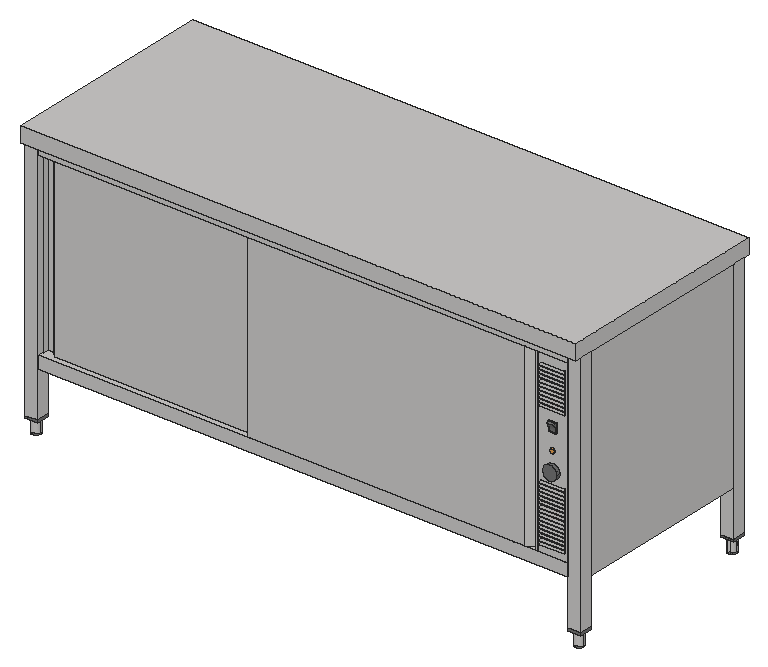
Revit family "QF_ELECTROLUXPROFESSIONAL_134057_GTCD1800E", category Attrezzature speciali, Revit 2020
Family settings
  Quota connettore circolare = Usa diametro
  Tipo di parte = Normale
  Basato su piano di lavoro = No
  Sempre verticale = Sì
  Taglio con vuoti quando caricato = No
  Condiviso = No
  Punto di calcolo locali = No
Parameters (values of type "Standard")
  Weight = 106.00 kg
  Watts = 2530 W
  Volts = 220 V
  URL Manufacturer = "https://www.electroluxprofessional.com/"
  URL = "https://www.electroluxprofessional.com/"
  Steam Supply Size = 0 mm
  Steam Supply Minimum Pressure = 0.0 Pa
  Steam Supply Maximum Pressure = 0.0 Pa
  Steam Consumption per Hour = 0
  Refrigeration Suction Line Size = 0.0 mm
  Refrigeration Liquid Line Size = 0.0 mm
  Refrigerant Compressor Remote = yes
  Prospetto di default = 0.0 mm
  Produttore = "Electrolux Professional"
  Phase = 1
  Modello = "GTCD1800E"
  Length Actual = 1800.0 mm  # constant formula
  Item Number = "134057"
  Hot Water Size = 0 mm
  Height Actual = 900.0 mm  # constant formula
  HP = "3.4 HP"
  Gas Size = 0 mm
  Gas KW = 0
  Gas Input Pressure = 0 W
  Direct Waste Size = 0 mm
  Descrizione = "HOT PASSTHRU CUPBOARD 1800 MM"
  Depth Actual = 700.0 mm  # constant formula
  Cycle = 50 Hz
  Condensate Return Size = 0 mm
  Compressed Air Volume = 0.0 L/s
  Compressed Air Size = 0 mm
  Compressed Air Pressure = 0.0 Pa
  Cold Water Size = 0 mm
  Accessory = yes
Reference planes
  plane 1 "Center (Front/Back)": y = 0
  plane 2: z = 0
  plane 3 "Center (Left/Right)": x = -400
  plane 4 "LEFT": x = -1300
  plane 5 "RIGHT": x = 500
  plane 6 "BACK": y = 350
  plane 7 "FRONT": y = -350
  plane 8 "Base": z = 850
  plane 9 "TOP": z = 900
  plane 10: x = -1280
  plane 11: x = 480
  plane 12: y = 310
  plane 13: y = -310
  plane 14 "BodyLeft": x = -1300
  plane 15 "BodyFront": y = -330
  plane 16 "BodyRight": x = 500
  plane 17 "BodyBack": y = 330
  plane 18 "FEET": z = 200
  plane 19: x = -320
  plane 20: x = -580
  plane 21 "AxeSlideDoor": x = -450
  plane 22: x = 360
  plane 23: x = 410
  plane 24: y = -160
Forms (mm)
  Extrusion 1, solid, material "QF_Finishes_Stainless Steel"
    sketch origin (-400, 0, 0) x (0, 1, 0) y (0, 0, 1)
      loop
        line (-350, 850) -> (350, 850) -> (350, 900) -> (-350, 900) -> (-350, 850)
    from 900 to -900
  Extrusion 2, solid, material "QF_Finishes_Stainless Steel"
    sketch origin (0, 0, 200) x (-1, 0, 0) y (0, -1, 0)
      loop
        line (1300, -290) -> (1300, 290) -> (1260, 290) -> (1260, -290) -> (1300, -290)
      loop
        line (-460, -290) -> (-460, 290) -> (-500, 290) -> (-500, -290) -> (-460, -290)
    from 0 to 650
  Extrusion 3, solid, material "QF_Finishes_Stainless Steel"
    sketch origin (0, 0, 200) x (-1, 0, 0) y (0, -1, 0)
      loop
        line (1260, -330) -> (1260, 330) -> (-460, 330) -> (-460, -330) -> (1260, -330)
    from 0 to 40
  Extrusion 4, solid, material "QF_Finishes_Stainless Steel"
    sketch origin (0, 0, 200) x (-1, 0, 0) y (0, -1, 0)
      loop
        line (-360, -290) -> (-460, -290) -> (-460, -330) -> (-360, -330) -> (-360, -290)
    from 40 to 620
  Extrusion 5, solid, material "QF_Finishes_Stainless Steel"
    sketch origin (0, 0, 200) x (-1, 0, 0) y (0, -1, 0)
      loop
        line (-360, 330) -> (-360, 310) -> (580, 310) -> (580, 330) -> (-320, 330) -> (-340, 315) -> (-355, 315) -> (-355, 330) -> (-360, 330)
    from 40 to 620
  Extrusion 6, solid, material "QF_Finishes_Stainless Steel"
    sketch origin (0, 20, 200) x (1, 0, 0) y (0, 1, 0)
      loop
        line (-1260, -330) -> (-1255, -330) -> (-1255, -315) -> (-1240, -315) -> (-1220, -330) -> (-320, -330) -> (-320, -310) -> (-1260, -310) -> (-1260, -330)
    from 40 to 620
  Extrusion 7, solid, material "QF_Finishes_Stainless Steel"
    sketch origin (0, 0, 200) x (-1, 0, 0) y (0, -1, 0)
      loop
        line (1260, 290) -> (-460, 290) -> (-460, -290) -> (1260, -290) -> (1260, 290)
    from 350 to 390
  Extrusion 8, solid, material "QF_Finishes_Stainless Steel"
    sketch origin (0, 0, 200) x (-1, 0, 0) y (0, -1, 0)
      loop
        line (1260, 330) -> (-460, 330) -> (-460, -330) -> (1260, -330) -> (1260, 330)
    from 620 to 650
  Extrusion 9, solid, material "QF_Finishes_Stainless Steel"
    sketch origin (0, 0, 200) x (-1, 0, 0) y (0, -1, 0)
      loop
        circle (-410, 160) r 10
    from 0 to -5
  Extrusion 10, solid, material "QF_Finishes_Stainless Steel"
    sketch origin (0, 0, 200) x (-1, 0, 0) y (0, -1, 0)
      loop
        line (-360, -330) -> (-355, -330) -> (-355, -315) -> (-340, -315) -> (-320, -330) -> (580, -330) -> (580, -310) -> (-360, -310) -> (-360, -330)
    from 40 to 620
  Extrusion 11, solid, material "QF_Finishes_Stainless Steel"
    sketch origin (0, -20, 200) x (1, 0, 0) y (0, 1, 0)
      loop
        line (-1260, 330) -> (-1260, 310) -> (-320, 310) -> (-320, 330) -> (-1220, 330) -> (-1240, 315) -> (-1255, 315) -> (-1255, 330) -> (-1260, 330)
    from 40 to 620
Cuts and joins
  joined: Extrusion 4, Extrusion 8
Lines and regions (mm)
  symbolic lines
    curve 1: line (500, 350, 900) -> (-1300, 350, 900)
    curve 2: line (-1300, 350, 900) -> (-1300, -350, 900)
    curve 3: line (-1300, -350, 900) -> (500, -350, 900)
    curve 4: line (500, -350, 900) -> (500, 350, 900)
  symbolic lines, style "SpecialityEquipmentHiddenLines"
    curve 5: line (-1300, 330, 200) -> (500, 330, 200)
    curve 6: line (-1300, -330, 200) -> (-1300, 330, 200)
    curve 7: line (500, -330, 200) -> (-1300, -330, 200)
    curve 8: line (500, 330, 200) -> (500, -330, 200)
    curve 9: line (-1260, -290, 200) -> (-320, -290, 200)
    curve 10: line (-320, -290, 200) -> (-320, -310, 200)
    curve 11: line (-1260, -310, 200) -> (360, -310, 200)
    curve 12: line (360, -310, 200) -> (360, -330, 200)
    curve 13: line (-580, -310, 200) -> (-580, -330, 200)
    curve 14: line (-1260, -290, 200) -> (-1260, -310, 200)
    curve 15: line (-1260, 290, 200) -> (-320, 290, 200)
    curve 16: line (-320, 290, 200) -> (-320, 310, 200)
    curve 17: line (-1260, 310, 200) -> (360, 310, 200)
    curve 18: line (360, 310, 200) -> (360, 330, 200)
    curve 19: line (-580, 310, 200) -> (-580, 330, 200)
    curve 20: line (-1260, 290, 200) -> (-1260, 310, 200)
Dimensions and locks
  plane 4 "LEFT" to plane 5 "RIGHT" = 1800.0 mm
  equal spacing: plane 4 "LEFT", plane 3 "Center (Left/Right)", plane 5 "RIGHT"
  locked: plane 8 "Base" to level at 850
  plane 9 "TOP" to level = 900.0 mm
  plane 6 "BACK" to plane 7 "FRONT" = 700.0 mm
  equal spacing: plane 6 "BACK", plane 1 "Center (Front/Back)", plane 7 "FRONT"
  locked: plane 4 "LEFT" to plane 14 "BodyLeft"
  locked: plane 16 "BodyRight" to plane 5 "RIGHT"
  locked: plane 15 "BodyFront" to plane 7 "FRONT" at 20
  locked: plane 6 "BACK" to plane 17 "BodyBack" at 20
  locked: plane 14 "BodyLeft" to plane 10 at 20
  locked: plane 11 to plane 16 "BodyRight" at 20
  locked: plane 13 to plane 15 "BodyFront" at 20
  locked: plane 17 "BodyBack" to plane 12 at 20
  plane 10 to plane 11 = 1760.0 mm
  plane 12 to plane 13 = 620.0 mm
  locked: plane 14 "BodyLeft" to Extrusion 2 sketch curve at 40
  Extrusion 2 sketch curve to Extrusion 2 sketch curve = 40.0 mm
  locked: plane 18 "FEET" to plane 2 at 200
  plane 22 to plane 5 "RIGHT" = 140.0 mm
  equal spacing: Extrusion 2, plane 21 "AxeSlideDoor", plane 22
  locked: plane 20 to plane 21 "AxeSlideDoor" at 130
  locked: plane 21 "AxeSlideDoor" to plane 19 at 130
  plane 24 to plane 7 "FRONT" = 190.0 mm
  plane 23 to plane 16 "BodyRight" = 90.0 mm
  aligned and locked: level to plane 2
  aligned and locked: plane 10 to nested 1
  aligned and locked: nested 1 to plane 13
  aligned and locked: plane 11 to nested 2
  aligned and locked: nested 2 to plane 13
  aligned and locked: plane 11 to nested 4
  aligned and locked: nested 4 to plane 12
  aligned and locked: plane 10 to nested 3
  aligned and locked: nested 3 to plane 12
  aligned and locked: Extrusion 1 to plane 4 "LEFT"
  aligned and locked: plane 5 "RIGHT" to Extrusion 1
  aligned and locked: curve 2 to plane 4 "LEFT"
  aligned and locked: Extrusion 2 sketch curve to plane 14 "BodyLeft"
  aligned and locked: plane 16 "BodyRight" to Extrusion 2 sketch curve
  aligned and locked: plane 8 "Base" to Extrusion 2
  aligned and locked: Extrusion 5 to Extrusion 3
  aligned and locked: Extrusion 6 sketch curve to plane 19
  aligned and locked: Extrusion 5 sketch curve to plane 20
  aligned and locked: Extrusion 1 to plane 8 "Base"
  aligned and locked: plane 9 "TOP" to Extrusion 1
  aligned and locked: curve 5 to plane 17 "BodyBack"
  aligned and locked: plane 14 "BodyLeft" to curve 6
  aligned and locked: plane 15 "BodyFront" to curve 7
  aligned and locked: plane 16 "BodyRight" to curve 8
  aligned and locked: Extrusion 3 sketch curve to Extrusion 2  (x2)
  aligned and locked: Extrusion 2 to Extrusion 4 sketch curve
  aligned and locked: curve 7 to Extrusion 3 sketch curve
  aligned and locked: plane 22 to Extrusion 5 sketch curve
  aligned and locked: nested 5 to Extrusion 2
  aligned and locked: nested 5 to Extrusion 3
  aligned and locked: Extrusion 8 sketch curve to plane 15 "BodyFront"
  aligned and locked: Extrusion 4 sketch curve to plane 22
  aligned and locked: Extrusion 3 sketch curve to plane 17 "BodyBack"
  aligned and locked: plane 17 "BodyBack" to Extrusion 8 sketch curve
  aligned and locked: curve 12 to plane 22
  aligned and locked: plane 22 to curve 18
Automatic sketch dimensions
  curve 3 to plane 5 "RIGHT" = 0.0 mm
  curve 3 to plane 7 "FRONT" = 0.0 mm
  curve 2 to plane 6 "BACK" = 0.0 mm
  Extrusion 1 sketch curve to plane 7 "FRONT" = 0.0 mm
  Extrusion 1 sketch curve to plane 6 "BACK" = 0.0 mm
  Extrusion 1 sketch curve to plane 8 "Base" = 0.0 mm
  Extrusion 1 sketch curve to plane 9 "TOP" = 0.0 mm
  Extrusion 2 sketch curve to plane 12 = 20.0 mm  (x2)
  plane 13 to Extrusion 2 sketch curve = 20.0 mm  (x2)
  Extrusion 4 sketch curve to plane 17 "BodyBack" = 0.0 mm
  Extrusion 4 sketch curve to plane 12 = 20.0 mm
  Extrusion 5 sketch curve to plane 15 "BodyFront" = 0.0 mm  (x2)
  Extrusion 5 sketch curve to plane 13 = 0.0 mm
  Extrusion 5 sketch curve to plane 22 = 5.0 mm
  Extrusion 5 sketch curve to plane 13 = 5.0 mm
  Extrusion 5 sketch curve to Extrusion 5 sketch curve = 15.0 mm
  Extrusion 5 sketch curve to Extrusion 5 sketch curve = 20.0 mm
  Extrusion 6 sketch curve to plane 13 = 0.0 mm  (x2)
  Extrusion 6 sketch curve to plane 10 = 60.0 mm
  Extrusion 6 sketch curve to plane 13 = 15.0 mm
  Extrusion 6 sketch curve to Extrusion 6 sketch curve = 20.0 mm  (x2)
  Extrusion 6 sketch curve to Extrusion 6 sketch curve = 15.0 mm
  Extrusion 6 sketch curve to Extrusion 6 sketch curve = 5.0 mm
  curve 17 to plane 12 = 0.0 mm
  curve 12 to plane 13 = 0.0 mm
  curve 16 to plane 19 = 0.0 mm
  curve 10 to plane 19 = 0.0 mm
  curve 13 to plane 20 = 0.0 mm
  curve 19 to plane 20 = 0.0 mm
  plane 10 to curve 14 = 20.0 mm
  plane 10 to curve 15 = 20.0 mm
  curve 17 to curve 20 = 20.0 mm
  plane 13 to curve 14 = 20.0 mm
  Extrusion 7 sketch curve to plane 11 = 20.0 mm
  plane 10 to Extrusion 7 sketch curve = 20.0 mm
  Extrusion 7 sketch curve to plane 12 = 20.0 mm
  plane 13 to Extrusion 7 sketch curve = 20.0 mm
  Extrusion 8 sketch curve to plane 11 = 20.0 mm
  plane 10 to Extrusion 8 sketch curve = 20.0 mm
  Extrusion 9 sketch curve to plane 23 = 0.0 mm
  Extrusion 9 sketch curve to plane 24 = 0.0 mm
  Extrusion 10 sketch curve to plane 17 "BodyBack" = 0.0 mm  (x2)
  Extrusion 10 sketch curve to plane 22 = 0.0 mm
  Extrusion 10 sketch curve to plane 20 = 0.0 mm
  Extrusion 10 sketch curve to plane 12 = 0.0 mm
  plane 22 to Extrusion 10 sketch curve = 5.0 mm
  Extrusion 10 sketch curve to plane 12 = 5.0 mm
  Extrusion 10 sketch curve to Extrusion 10 sketch curve = 15.0 mm
  Extrusion 10 sketch curve to Extrusion 10 sketch curve = 20.0 mm
  Extrusion 11 sketch curve to plane 12 = 0.0 mm  (x2)
  Extrusion 11 sketch curve to plane 19 = 0.0 mm
  plane 10 to Extrusion 11 sketch curve = 60.0 mm
  Extrusion 11 sketch curve to plane 12 = 15.0 mm
  Extrusion 11 sketch curve to Extrusion 11 sketch curve = 20.0 mm  (x2)
  Extrusion 11 sketch curve to Extrusion 11 sketch curve = 15.0 mm
  Extrusion 11 sketch curve to Extrusion 11 sketch curve = 5.0 mm
  radius of Extrusion 9 sketch curve = 10.0 mm
Nested families
  nested 1: "FEET_40x40_APP50" at (-1280, -310, 0), type "FEET_40x40_APP50"
  nested 2: "FEET_40x40_APP50" at (480, -310, 0), type "FEET_40x40_APP50"
  nested 3: "FEET_40x40_APP50" at (-1280, 310, 0), type "FEET_40x40_APP50"
  nested 4: "FEET_40x40_APP50" at (480, 310, 0), type "FEET_40x40_APP50"
  nested 5: "WT_PNL100x580" at (546.92, -290, 605) x (1, 0, 0) z (0, -1, 0), type "WT_PNL100x580"
    with Show Logo yes
  nested 6: "FEET_40x40_APP50" at (-680, 310, 0), type "FEET_40x40_APP50"
  nested 7: "FEET_40x40_APP50" at (480, 310, 0), type "FEET_40x40_APP50"
Connectors
  electrical at (410, -160, 195)
    settings: on Extrusion 9, index 1, voltage 0 V, apparent load 0 VA, apparent load phase1 0 VA, apparent load phase2 0 VA, apparent load phase3 0 VA, power factor 1, load classification "Other", number of poles 1, system type 30, power factor state 1, is connector primary yes, connector utility no, sub classification motor no, connector description "Electrical connection"
Definition of nested family "FEET_40x40_APP50"
  Parameters
    Default Elevation = 0.0 mm
    FEET = 850.0 mm
  Reference planes
    plane 1 "Center (Front/Back)": y = 0
    plane 2: z = 0
    plane 3 "Center (Left/Right)": x = 0
    plane 4: z = 850
  Forms (mm)
    Extrusion 1, solid
      sketch origin (0, 0, 0) x (1, 0, 0) y (0, 1, 0)
        loop
          line (-20, -20) -> (20, -20) -> (20, 20) -> (-20, 20) -> (-20, -20)
      from 50 to 850
    Extrusion 2, solid
      sketch origin (0, 0, 0) x (1, 0, 0) y (0, 1, 0)
        loop
          circle (0, 0) r 15
      from 0 to 5
    Extrusion 3, solid
      sketch origin (0, 0, 0) x (1, 0, 0) y (0, 1, 0)
        loop
          line (-20, -20) -> (20, -20) -> (20, 20) -> (-20, 20) -> (-20, -20)
      from 50 to 42
    Extrusion 4, solid
      sketch origin (0, 0, 0) x (1, 0, 0) y (0, 1, 0)
        loop
          circle (0, 0) r 15
      from 5 to 42
  Lines and regions (mm)
    symbolic lines
      curve 1: line (0, -1.503, 0) -> (0, 1.508, 0)
      curve 2: line (1.561, 0, 0) -> (-1.439, 0, 0)
  Dimensions and locks
    "FEET": plane 4 to plane 2
    aligned and locked: level to plane 2
  Automatic sketch dimensions
    plane 1 "Center (Front/Back)" to curve 2 = 0.0 mm
    curve 1 to plane 3 "Center (Left/Right)" = 0.0 mm
    curve 2 to plane 3 "Center (Left/Right)" = 1.439 mm
    plane 3 "Center (Left/Right)" to curve 2 = 1.561 mm
    plane 1 "Center (Front/Back)" to curve 1 = 1.503 mm
    curve 1 to plane 1 "Center (Front/Back)" = 1.508 mm
    Extrusion 1 sketch curve to plane 3 "Center (Left/Right)" = 20.0 mm
    plane 3 "Center (Left/Right)" to Extrusion 1 sketch curve = 20.0 mm
    plane 1 "Center (Front/Back)" to Extrusion 1 sketch curve = 20.0 mm
    Extrusion 1 sketch curve to plane 1 "Center (Front/Back)" = 20.0 mm
    plane 1 "Center (Front/Back)" to Extrusion 2 sketch curve = 0.0 mm
    Extrusion 2 sketch curve to plane 3 "Center (Left/Right)" = 0.0 mm
    Extrusion 3 sketch curve to plane 3 "Center (Left/Right)" = 20.0 mm
    plane 3 "Center (Left/Right)" to Extrusion 3 sketch curve = 20.0 mm
    plane 1 "Center (Front/Back)" to Extrusion 3 sketch curve = 20.0 mm
    Extrusion 3 sketch curve to plane 1 "Center (Front/Back)" = 20.0 mm
    plane 1 "Center (Front/Back)" to Extrusion 4 sketch curve = 0.0 mm
    Extrusion 4 sketch curve to plane 3 "Center (Left/Right)" = 0.0 mm
    radius of Extrusion 2 sketch curve = 15.0 mm
    radius of Extrusion 4 sketch curve = 15.0 mm
Definition of nested family "WT_PNL100x580"
  Parameters
    Show Logo [instance] = yes
    Default Elevation = 1219.2 mm
  Reference planes
    plane 1 "Center (Front/Back)": y = -75
    plane 2: z = 0
    plane 3 "Center (Left/Right)": x = -136.92
    plane 4: x = -186.92
    plane 5: x = -86.92
    plane 6 "TOP": z = 40
  Forms (mm)
    Extrusion 1, solid
      sketch origin (0, 0, 0) x (1, 0, 0) y (0, 1, 0)
        loop
          line (-1219.2, 1219.2) -> (-1219.2, -1219.2) -> (1219.2, -1219.2) -> (1219.2, 1219.2) -> (-1219.2, 1219.2)
      from 0 to -304.8
    Extrusion 2, solid
      sketch origin (0, 35, 0) x (1, 0, 0) y (0, 1, 0)
        loop
          line (-186.92, 180) -> (-186.92, -400) -> (-86.92, -400) -> (-86.92, 180) -> (-186.92, 180)
      from 0 to 40
    Extrusion 3, solid
      sketch origin (0, 35, 40) x (-1, 0, 0) y (0, -1, 0)
        loop
          circle (136.92, 151.711) r 22.964
      from 0 to 11.071
    Extrusion 4, solid
      sketch origin (-136.92, 35, 0) x (0, 1, 0) y (0, 0, 1)
        loop
          line (95.896, 40) -> (104.899, 40) -> (95.896, 41.206) -> (95.896, 40)
        loop
          line (107.896, 40) -> (116.899, 40) -> (107.896, 41.206) -> (107.896, 40)
        loop
          line (119.896, 40) -> (128.899, 40) -> (119.896, 41.206) -> (119.896, 40)
        loop
          line (131.896, 40) -> (140.899, 40) -> (131.896, 41.206) -> (131.896, 40)
        loop
          line (143.896, 40) -> (152.899, 40) -> (143.896, 41.206) -> (143.896, 40)
        loop
          line (-246.104, 40) -> (-237.101, 40) -> (-246.104, 41.206) -> (-246.104, 40)
        loop
          line (-234.104, 40) -> (-225.101, 40) -> (-234.104, 41.206) -> (-234.104, 40)
        loop
          line (-222.104, 40) -> (-213.101, 40) -> (-222.104, 41.206) -> (-222.104, 40)
        loop
          line (-210.104, 40) -> (-201.101, 40) -> (-210.104, 41.206) -> (-210.104, 40)
        loop
          line (-198.104, 40) -> (-189.101, 40) -> (-198.104, 41.206) -> (-198.104, 40)
        loop
          line (-318.104, 40) -> (-309.101, 40) -> (-318.104, 41.206) -> (-318.104, 40)
        loop
          line (-306.104, 40) -> (-297.101, 40) -> (-306.104, 41.206) -> (-306.104, 40)
        loop
          line (-294.104, 40) -> (-285.101, 40) -> (-294.104, 41.206) -> (-294.104, 40)
        loop
          line (-282.104, 40) -> (-273.101, 40) -> (-282.104, 41.206) -> (-282.104, 40)
        loop
          line (-270.104, 40) -> (-261.101, 40) -> (-270.104, 41.206) -> (-270.104, 40)
        loop
          line (-258.104, 40) -> (-249.101, 40) -> (-258.104, 41.206) -> (-258.104, 40)
        loop
          line (-366.104, 40) -> (-357.101, 40) -> (-366.104, 41.206) -> (-366.104, 40)
        loop
          line (-354.104, 40) -> (-345.101, 40) -> (-354.104, 41.206) -> (-354.104, 40)
        loop
          line (-342.104, 40) -> (-333.101, 40) -> (-342.104, 41.206) -> (-342.104, 40)
        loop
          line (-330.104, 40) -> (-321.101, 40) -> (-330.104, 41.206) -> (-330.104, 40)
        loop
          line (-378.104, 40) -> (-369.101, 40) -> (-378.104, 41.206) -> (-378.104, 40)
        loop
          line (23.896, 40) -> (32.899, 40) -> (23.896, 41.206) -> (23.896, 40)
        loop
          line (35.896, 40) -> (44.899, 40) -> (35.896, 41.206) -> (35.896, 40)
        loop
          line (47.896, 40) -> (56.899, 40) -> (47.896, 41.206) -> (47.896, 40)
        loop
          line (59.896, 40) -> (68.899, 40) -> (59.896, 41.206) -> (59.896, 40)
        loop
          line (71.896, 40) -> (80.899, 40) -> (71.896, 41.206) -> (71.896, 40)
        loop
          line (83.896, 40) -> (92.899, 40) -> (83.896, 41.206) -> (83.896, 40)
      from -40 to 40
    Extrusion 5, solid
      sketch origin (0, -5, 40) x (-1, 0, 0) y (0, -1, 0)
        loop
          line (123.92, -32.89) -> (149.92, -32.89) -> (149.92, -1.89) -> (123.92, -1.89) -> (123.92, -32.89)
        loop
          line (148.92, -31.89) -> (148.92, -2.89) -> (124.92, -2.89) -> (124.92, -31.89) -> (148.92, -31.89)
      from 0 to 1.6
    Extrusion 6, solid
      sketch origin (0, 95, 40) x (-1, 0, 0) y (0, -1, 0)
        loop
          circle (136.92, 151.711) r 7
      from 0 to 1.6
    Extrusion 7, solid
      sketch origin (-136.92, 35, 0) x (0, 1, 0) y (0, 0, 1)
        loop
          line (-37.11, 38) -> (-8.11, 38) -> (-8.11, 41.206)
          arc (-8.11, 41.206) -> (-8.756, 45.488) -> (-10.639, 49.389) r 14.5
          arc (-10.639, 49.389) -> (-23.172, 43.026) -> (-37.11, 41.206) r 41.552
          line (-37.11, 41.206) -> (-37.11, 38)
      from -12 to 12
  Dimensions and locks
    equal spacing: plane 4, plane 3 "Center (Left/Right)", plane 5
    plane 6 "TOP" to level = 40.0 mm
    Extrusion 2 to Extrusion 2 = 580.0 mm
    plane 4 to plane 5 = 100.0 mm
    aligned and locked: plane 2 to Extrusion 1
    aligned and locked: level to Extrusion 1
  Automatic sketch dimensions
    Extrusion 1 sketch curve to Extrusion 1 sketch curve = 2438.4 mm  (x2)
    Extrusion 2 sketch curve to plane 4 = 0.0 mm
    Extrusion 2 sketch curve to plane 5 = 0.0 mm
    Extrusion 3 sketch curve to plane 3 "Center (Left/Right)" = 0.0 mm
    plane 1 "Center (Front/Back)" to Extrusion 3 sketch curve = 41.711 mm
    plane 3 "Center (Left/Right)" to Extrusion 5 sketch curve = 13.0 mm
    Extrusion 5 sketch curve to plane 3 "Center (Left/Right)" = 13.0 mm
    Extrusion 5 sketch curve to plane 1 "Center (Front/Back)" = 102.89 mm
    Extrusion 5 sketch curve to Extrusion 5 sketch curve = 31.0 mm
    Extrusion 6 sketch curve to plane 3 "Center (Left/Right)" = 0.0 mm
    Extrusion 6 sketch curve to plane 1 "Center (Front/Back)" = 18.289 mm
    Extrusion 4 sketch curve to plane 6 "TOP" = 0.0 mm  (x27)
    Extrusion 4 sketch curve to Extrusion 4 sketch curve = 9.003 mm  (x27)
    Extrusion 4 sketch curve to Extrusion 4 sketch curve = 2.997 mm  (x25)
    plane 6 "TOP" to Extrusion 4 sketch curve = 1.206 mm  (x27)
    Extrusion 4 sketch curve to plane 1 "Center (Front/Back)" = 133.896 mm
    Extrusion 5 sketch curve to Extrusion 5 sketch curve = 1.0 mm  (x4)
    Extrusion 7 sketch curve to plane 6 "TOP" = 2.0 mm
    Extrusion 7 sketch curve to plane 1 "Center (Front/Back)" = 72.89 mm
    Extrusion 7 sketch curve to plane 1 "Center (Front/Back)" = 74.556 mm
    plane 6 "TOP" to Extrusion 7 sketch curve = 1.206 mm  (x2)
    Extrusion 7 sketch curve to Extrusion 7 sketch curve = 14.5 mm  (x2)
    Extrusion 7 sketch curve to Extrusion 7 sketch curve = 2.529 mm
    Extrusion 2 sketch curve to plane 1 "Center (Front/Back)" = 290.0 mm
    plane 1 "Center (Front/Back)" to Extrusion 2 sketch curve = 290.0 mm
    plane 1 "Center (Front/Back)" to Extrusion 4 sketch curve = 79.101 mm
    radius of Extrusion 3 sketch curve = 22.964 mm
    radius of Extrusion 6 sketch curve = 7.0 mm
